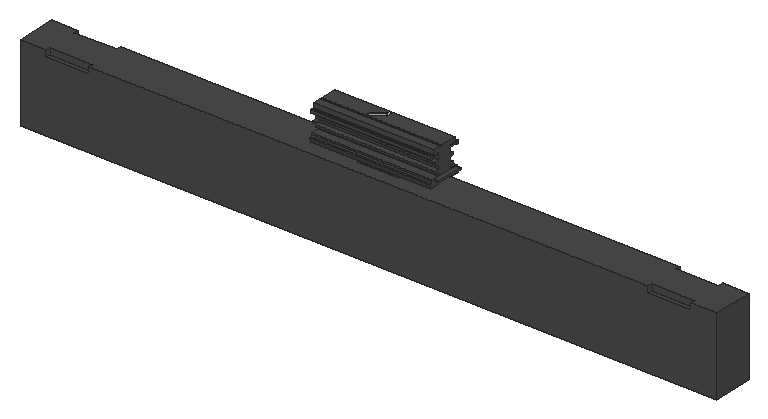
Revit family "DOT SINGLE HEAD RAIL 646_DTM30N6.5.36", category Luminarias, Revit 2019
Family settings
  Cota de conector redondo = Diámetro de uso
  Tipo de pieza = Normal
  Se basa en plano de trabajo = Sí
  Siempre vertical = Sí
  Corte con vacíos al cargar = No
  Origen de luz = Sí
  Compartido = No
  Punto de cálculo de habitación = No
Parameters (values of type "DOT SINGLE HEAD RAIL 646_DTM30N6.5.36")
  Ángulo de inclinación = 60.00°
  Zone [instance] = ""
  Watt per fixture = 30
  Wattage = 30 W
  built-in parameter 1150107 = 4000 (stored number, unit not read)
  built-in parameter 1150110 = 1 (stored number, unit not read)
  built-in parameter 1150109 = 1 (stored number, unit not read)
  built-in parameter 1150112 = 1 (stored number, unit not read)
  built-in parameter 1150113 = 1 (stored number, unit not read)
  built-in parameter 1114218 = 1 (stored number, unit not read)
  Keynote = ""
  built-in parameter 1150137 = (empty or 0)
  built-in parameter 1150132 = (empty or 0)
  Modelo = "DTM30N6.5.36"
  Lámpara = "3030SMD PHILIPS"
  built-in parameter 1150105 = 13996.1 (stored number, unit not read)
  built-in parameter 1150102 = (empty or 0)
  built-in parameter 1150106 = 139.96 (stored number, unit not read)
  Lumens = 2700 lm
  Color Filter = 16777215
  built-in parameter 1114217 = 1 (stored number, unit not read)
  built-in parameter 1150139 = (empty or 0)
  Fabricante = "BRILLANT"
  Default Elevation = 1219.2 mm
  built-in parameter 1150104 = 8.3613 (stored number, unit not read)
  Descripción = "LUMINARIA DOWNLIGHT EN FORMATO RECTANGULAR COMPATIBLE CON RIEL DE 6 ENTRADAS Y 3 CIRCUITOS CON CABEZAL PARA PODER DIRIGIR LA LUMINARIA HASTA 30 GRADOS, CUERPO DE ALUMINIO ACABADO EN COLOR NEGRO, IP 20, PESO 1.48Kg, TIPO DE LED 3030SMD PHILIPS CON 30W TOTAL, 1450 LUMENES, 90LM/W, IRC 90, TEMPERATURA EN BLANCO FRIO 4000K, 50 MIL HORAS DE VIDA PROMEDIO, APERTURA DE 36 GRADOS POR PROYECTO, ALIMENTADO A 90-240V"
  built-in parameter 1150115 = 1 (stored number, unit not read)
  built-in parameter 1150114 = 1 (stored number, unit not read)
  Comentarios de vataje = "90-240V"
  built-in parameter 1150138 = (empty or 0)
  built-in parameter 1150134 = 12
  Circuit [instance] = ""
  Dimming Lamp Color Temperature Shift = (empty or 0)
  Archivo de red fotométrica = "L646A-30W-840-B-36_IESNA95.IES"
  built-in parameter 1150133 = 10 (stored number, unit not read)
Reference planes
  plane 1 "Centro (Frontal/Posterior)": y = 0
  plane 2: z = 0
  plane 3 "Centro (Izquierda/Derecha)": x = 0
Forms (mm)
  Extrusion 1, solid, material "Default Form"
    sketch origin (0, 0, 0) x (1, 0, 0) y (0, 0, 1)
      loop
        line (-323, 0) -> (-323, -72) -> (323, -72) -> (323, 0) -> (-323, 0)
    from -18.326 to 18.326
  Blend 2, void
    base sketch origin (0, 0, 0) x (1, 0, 0) y (0, 1, 0)
      loop
        line (-162, 16.149) -> (-162, -16.149) -> (-144.14, -16.149) -> (-144.14, 16.149) -> (-162, 16.149)
    top sketch origin (0, 0, 0) x (1, 0, 0) y (0, 1, 0)
      loop
        line (-160, 12.149) -> (-160, -12.149) -> (-146.14, -12.149) -> (-146.14, 12.149) -> (-160, 12.149)
    from -72 to -61.591
  Blend 3, void
    base sketch origin (21.86, 0, 0) x (1, 0, 0) y (0, 1, 0)
      loop
        line (-162, 16.149) -> (-162, -16.149) -> (-144.14, -16.149) -> (-144.14, 16.149) -> (-162, 16.149)
    top sketch origin (21.86, 0, 0) x (1, 0, 0) y (0, 1, 0)
      loop
        line (-160, 12.149) -> (-160, -12.149) -> (-146.14, -12.149) -> (-146.14, 12.149) -> (-160, 12.149)
    from -72 to -61.591
  Blend 4, void
    base sketch origin (43.72, 0, 0) x (1, 0, 0) y (0, 1, 0)
      loop
        line (-162, 16.149) -> (-162, -16.149) -> (-144.14, -16.149) -> (-144.14, 16.149) -> (-162, 16.149)
    top sketch origin (43.72, 0, 0) x (1, 0, 0) y (0, 1, 0)
      loop
        line (-160, 12.149) -> (-160, -12.149) -> (-146.14, -12.149) -> (-146.14, 12.149) -> (-160, 12.149)
    from -72 to -61.591
  Blend 5, void
    base sketch origin (65.58, 0, 0) x (1, 0, 0) y (0, 1, 0)
      loop
        line (-162, 16.149) -> (-162, -16.149) -> (-144.14, -16.149) -> (-144.14, 16.149) -> (-162, 16.149)
    top sketch origin (65.58, 0, 0) x (1, 0, 0) y (0, 1, 0)
      loop
        line (-160, 12.149) -> (-160, -12.149) -> (-146.14, -12.149) -> (-146.14, 12.149) -> (-160, 12.149)
    from -72 to -61.591
  Blend 6, void
    base sketch origin (87.44, 0, 0) x (1, 0, 0) y (0, 1, 0)
      loop
        line (-162, 16.149) -> (-162, -16.149) -> (-144.14, -16.149) -> (-144.14, 16.149) -> (-162, 16.149)
    top sketch origin (87.44, 0, 0) x (1, 0, 0) y (0, 1, 0)
      loop
        line (-160, 12.149) -> (-160, -12.149) -> (-146.14, -12.149) -> (-146.14, 12.149) -> (-160, 12.149)
    from -72 to -61.591
  Blend 7, void
    base sketch origin (109.3, 0, 0) x (1, 0, 0) y (0, 1, 0)
      loop
        line (-162, 16.149) -> (-162, -16.149) -> (-144.14, -16.149) -> (-144.14, 16.149) -> (-162, 16.149)
    top sketch origin (109.3, 0, 0) x (1, 0, 0) y (0, 1, 0)
      loop
        line (-160, 12.149) -> (-160, -12.149) -> (-146.14, -12.149) -> (-146.14, 12.149) -> (-160, 12.149)
    from -72 to -61.591
  Blend 8, void
    base sketch origin (131.16, 0, 0) x (1, 0, 0) y (0, 1, 0)
      loop
        line (-162, 16.149) -> (-162, -16.149) -> (-144.14, -16.149) -> (-144.14, 16.149) -> (-162, 16.149)
    top sketch origin (131.16, 0, 0) x (1, 0, 0) y (0, 1, 0)
      loop
        line (-160, 12.149) -> (-160, -12.149) -> (-146.14, -12.149) -> (-146.14, 12.149) -> (-160, 12.149)
    from -72 to -61.591
  Blend 9, void
    base sketch origin (153.02, 0, 0) x (1, 0, 0) y (0, 1, 0)
      loop
        line (-162, 16.149) -> (-162, -16.149) -> (-144.14, -16.149) -> (-144.14, 16.149) -> (-162, 16.149)
    top sketch origin (153.02, 0, 0) x (1, 0, 0) y (0, 1, 0)
      loop
        line (-160, 12.149) -> (-160, -12.149) -> (-146.14, -12.149) -> (-146.14, 12.149) -> (-160, 12.149)
    from -72 to -61.591
  Blend 10, void
    base sketch origin (174.88, 0, 0) x (1, 0, 0) y (0, 1, 0)
      loop
        line (-162, 16.149) -> (-162, -16.149) -> (-144.14, -16.149) -> (-144.14, 16.149) -> (-162, 16.149)
    top sketch origin (174.88, 0, 0) x (1, 0, 0) y (0, 1, 0)
      loop
        line (-160, 12.149) -> (-160, -12.149) -> (-146.14, -12.149) -> (-146.14, 12.149) -> (-160, 12.149)
    from -72 to -61.591
  Blend 11, void
    base sketch origin (196.74, 0, 0) x (1, 0, 0) y (0, 1, 0)
      loop
        line (-162, 16.149) -> (-162, -16.149) -> (-144.14, -16.149) -> (-144.14, 16.149) -> (-162, 16.149)
    top sketch origin (196.74, 0, 0) x (1, 0, 0) y (0, 1, 0)
      loop
        line (-160, 12.149) -> (-160, -12.149) -> (-146.14, -12.149) -> (-146.14, 12.149) -> (-160, 12.149)
    from -72 to -61.591
  Blend 12, void
    base sketch origin (218.6, 0, 0) x (1, 0, 0) y (0, 1, 0)
      loop
        line (-162, 16.149) -> (-162, -16.149) -> (-144.14, -16.149) -> (-144.14, 16.149) -> (-162, 16.149)
    top sketch origin (218.6, 0, 0) x (1, 0, 0) y (0, 1, 0)
      loop
        line (-160, 12.149) -> (-160, -12.149) -> (-146.14, -12.149) -> (-146.14, 12.149) -> (-160, 12.149)
    from -72 to -61.591
  Blend 13, void
    base sketch origin (240.46, 0, 0) x (1, 0, 0) y (0, 1, 0)
      loop
        line (-162, 16.149) -> (-162, -16.149) -> (-144.14, -16.149) -> (-144.14, 16.149) -> (-162, 16.149)
    top sketch origin (240.46, 0, 0) x (1, 0, 0) y (0, 1, 0)
      loop
        line (-160, 12.149) -> (-160, -12.149) -> (-146.14, -12.149) -> (-146.14, 12.149) -> (-160, 12.149)
    from -72 to -61.591
  Blend 14, void
    base sketch origin (262.32, 0, 0) x (1, 0, 0) y (0, 1, 0)
      loop
        line (-162, 16.149) -> (-162, -16.149) -> (-144.14, -16.149) -> (-144.14, 16.149) -> (-162, 16.149)
    top sketch origin (262.32, 0, 0) x (1, 0, 0) y (0, 1, 0)
      loop
        line (-160, 12.149) -> (-160, -12.149) -> (-146.14, -12.149) -> (-146.14, 12.149) -> (-160, 12.149)
    from -72 to -61.591
  Blend 15, void
    base sketch origin (284.18, 0, 0) x (1, 0, 0) y (0, 1, 0)
      loop
        line (-162, 16.149) -> (-162, -16.149) -> (-144.14, -16.149) -> (-144.14, 16.149) -> (-162, 16.149)
    top sketch origin (284.18, 0, 0) x (1, 0, 0) y (0, 1, 0)
      loop
        line (-160, 12.149) -> (-160, -12.149) -> (-146.14, -12.149) -> (-146.14, 12.149) -> (-160, 12.149)
    from -72 to -61.591
  Blend 16, void
    base sketch origin (306.04, 0, 0) x (1, 0, 0) y (0, 1, 0)
      loop
        line (-162, 16.149) -> (-162, -16.149) -> (-144.14, -16.149) -> (-144.14, 16.149) -> (-162, 16.149)
    top sketch origin (306.04, 0, 0) x (1, 0, 0) y (0, 1, 0)
      loop
        line (-160, 12.149) -> (-160, -12.149) -> (-146.14, -12.149) -> (-146.14, 12.149) -> (-160, 12.149)
    from -72 to -61.591
  Extrusion 17, solid, material "Default Form"
    sketch origin (-55.628, 0, 7.5) x (0, 1, 0) y (0, 0, 1)
      loop
        line (-7.273, 1.74) -> (7.273, 1.74) -> (7.273, 0) -> (15.231, 0) -> (17.006, 4.494) -> (15.021, 4.494) -> (14.058, 5.868) -> (14.058, 7.166) -> (6.473, 7.166) -> (6.473, 9.324) -> (10.169, 10.163) -> (10.169, 12.464) -> (6.473, 13.302) -> (6.473, 16.66) -> (10.169, 17.499) -> (10.169, 19.8) -> (6.473, 20.638) -> (6.473, 25.016) -> (13.839, 25.016) -> (14.514, 24.341) -> (15.775, 24.341) -> (15.775, 27.171) -> (14.73, 27.171) -> (14.058, 26.499) -> (6.473, 26.499) -> (6.473, 27.299) -> (12.377, 27.299) -> (12.377, 31.471) -> (-2.744, 31.471) -> (-2.744, 30.671) -> (-5.514, 30.671) -> (-5.514, 31.471) -> (-12.377, 31.471) -> (-12.377, 27.299) -> (-6.473, 27.299) -> (-6.473, 26.499) -> (-14.058, 26.499) -> (-14.73, 27.171) -> (-15.775, 27.171) -> (-15.775, 24.341) -> (-14.514, 24.341) -> (-13.839, 25.016) -> (-6.473, 25.016) -> (-6.473, 20.638) -> (-10.169, 19.8) -> (-10.169, 17.499) -> (-6.473, 16.66) -> (-6.473, 13.302) -> (-10.169, 12.464) -> (-10.169, 10.163) -> (-6.473, 9.324) -> (-6.473, 7.166) -> (-14.058, 7.166) -> (-14.058, 5.868) -> (-15.021, 4.494) -> (-17.006, 4.494) -> (-15.231, 0) -> (-7.273, 0) -> (-7.273, 1.74)
    from 0 to 111.256
  Extrusion 18, solid, material "Default Form"
    sketch origin (0, 0, 0) x (1, 0, 0) y (0, 1, 0)
      loop
        line (-19.12, 6.873) -> (-19.12, -6.873) -> (19.12, -6.873) -> (19.12, 6.873) -> (-19.12, 6.873)
    from 0 to 2.67
  Extrusion 19, solid, material "Default Form"
    sketch origin (0, 0, 0) x (1, 0, 0) y (0, 1, 0)
      loop
        line (-10.93, 3.188) -> (-10.93, -3.188) -> (10.93, -3.188) -> (10.93, 3.188) -> (-10.93, 3.188)
    from 2.67 to 7.5
  Extrusion 20, void
    sketch origin (0, 0, 0) x (1, 0, 0) y (0, 1, 0)
      loop
        line (-259.42, 18.326) -> (-299.14, 18.326) -> (-299.14, 14.276) -> (-259.42, 14.276) -> (-259.42, 18.326)
      loop
        line (-299.14, -18.326) -> (-259.42, -18.326) -> (-259.42, -14.276) -> (-299.14, -14.276) -> (-299.14, -18.326)
      loop
        line (299.14, -18.326) -> (299.14, -14.276) -> (259.42, -14.276) -> (259.42, -18.326) -> (299.14, -18.326)
      loop
        line (299.14, 18.326) -> (259.42, 18.326) -> (259.42, 14.276) -> (299.14, 14.276) -> (299.14, 18.326)
    from -6.015 to 0
  Extrusion 21, solid, material "Acero Inoxidable"
    sketch origin (0, -1.594, 0) x (1, 0, 0) y (0, 0, -1)
      loop
        line (-15, -38.971) -> (3.794, -45.811) -> (4.341, -44.308) -> (3.589, -44.034) -> (3.316, -44.786) -> (-12.661, -38.971) -> (-15, -38.971)
    from 0 to 3.188
  Extrusion 22, solid, material "Default Form"
    sketch origin (0, 0, 0) x (1, 0, 0) y (0, 1, 0)
      loop
        line (-55.628, 6.473) -> (-66.331, 6.473) -> (-66.331, 0) -> (-55.628, 0) -> (-55.628, 6.473)
      loop
        line (55.628, 12.377) -> (55.628, -12.149) -> (60.628, -12.149) -> (60.628, 12.377) -> (55.628, 12.377)
    from 13.368 to 15
  Blend 23, void
    base sketch origin (-87.44, 0, 0) x (1, 0, 0) y (0, 1, 0)
      loop
        line (-162, 16.149) -> (-162, -16.149) -> (-144.14, -16.149) -> (-144.14, 16.149) -> (-162, 16.149)
    top sketch origin (-87.44, 0, 0) x (1, 0, 0) y (0, 1, 0)
      loop
        line (-160, 12.149) -> (-160, -12.149) -> (-146.14, -12.149) -> (-146.14, 12.149) -> (-160, 12.149)
    from -72 to -61.591
  Blend 24, void
    base sketch origin (-65.58, 0, 0) x (1, 0, 0) y (0, 1, 0)
      loop
        line (-162, 16.149) -> (-162, -16.149) -> (-144.14, -16.149) -> (-144.14, 16.149) -> (-162, 16.149)
    top sketch origin (-65.58, 0, 0) x (1, 0, 0) y (0, 1, 0)
      loop
        line (-160, 12.149) -> (-160, -12.149) -> (-146.14, -12.149) -> (-146.14, 12.149) -> (-160, 12.149)
    from -72 to -61.591
  Blend 25, void
    base sketch origin (-43.72, 0, 0) x (1, 0, 0) y (0, 1, 0)
      loop
        line (-162, 16.149) -> (-162, -16.149) -> (-144.14, -16.149) -> (-144.14, 16.149) -> (-162, 16.149)
    top sketch origin (-43.72, 0, 0) x (1, 0, 0) y (0, 1, 0)
      loop
        line (-160, 12.149) -> (-160, -12.149) -> (-146.14, -12.149) -> (-146.14, 12.149) -> (-160, 12.149)
    from -72 to -61.591
  Blend 26, void
    base sketch origin (-21.86, 0, 0) x (1, 0, 0) y (0, 1, 0)
      loop
        line (-162, 16.149) -> (-162, -16.149) -> (-144.14, -16.149) -> (-144.14, 16.149) -> (-162, 16.149)
    top sketch origin (-21.86, 0, 0) x (1, 0, 0) y (0, 1, 0)
      loop
        line (-160, 12.149) -> (-160, -12.149) -> (-146.14, -12.149) -> (-146.14, 12.149) -> (-160, 12.149)
    from -72 to -61.591
  Blend 27, void
    base sketch origin (-109.3, 0, 0) x (1, 0, 0) y (0, 1, 0)
      loop
        line (-162, 16.149) -> (-162, -16.149) -> (-144.14, -16.149) -> (-144.14, 16.149) -> (-162, 16.149)
    top sketch origin (-109.3, 0, 0) x (1, 0, 0) y (0, 1, 0)
      loop
        line (-160, 12.149) -> (-160, -12.149) -> (-146.14, -12.149) -> (-146.14, 12.149) -> (-160, 12.149)
    from -72 to -61.591
  Blend 28, void
    base sketch origin (327.9, 0, 0) x (1, 0, 0) y (0, 1, 0)
      loop
        line (-162, 16.149) -> (-162, -16.149) -> (-144.14, -16.149) -> (-144.14, 16.149) -> (-162, 16.149)
    top sketch origin (327.9, 0, 0) x (1, 0, 0) y (0, 1, 0)
      loop
        line (-160, 12.149) -> (-160, -12.149) -> (-146.14, -12.149) -> (-146.14, 12.149) -> (-160, 12.149)
    from -72 to -61.591
  Blend 29, void
    base sketch origin (349.76, 0, 0) x (1, 0, 0) y (0, 1, 0)
      loop
        line (-162, 16.149) -> (-162, -16.149) -> (-144.14, -16.149) -> (-144.14, 16.149) -> (-162, 16.149)
    top sketch origin (349.76, 0, 0) x (1, 0, 0) y (0, 1, 0)
      loop
        line (-160, 12.149) -> (-160, -12.149) -> (-146.14, -12.149) -> (-146.14, 12.149) -> (-160, 12.149)
    from -72 to -61.591
  Blend 30, void
    base sketch origin (371.62, 0, 0) x (1, 0, 0) y (0, 1, 0)
      loop
        line (-162, 16.149) -> (-162, -16.149) -> (-144.14, -16.149) -> (-144.14, 16.149) -> (-162, 16.149)
    top sketch origin (371.62, 0, 0) x (1, 0, 0) y (0, 1, 0)
      loop
        line (-160, 12.149) -> (-160, -12.149) -> (-146.14, -12.149) -> (-146.14, 12.149) -> (-160, 12.149)
    from -72 to -61.591
  Blend 31, void
    base sketch origin (393.48, 0, 0) x (1, 0, 0) y (0, 1, 0)
      loop
        line (-162, 16.149) -> (-162, -16.149) -> (-144.14, -16.149) -> (-144.14, 16.149) -> (-162, 16.149)
    top sketch origin (393.48, 0, 0) x (1, 0, 0) y (0, 1, 0)
      loop
        line (-160, 12.149) -> (-160, -12.149) -> (-146.14, -12.149) -> (-146.14, 12.149) -> (-160, 12.149)
    from -72 to -61.591
  Blend 32, void
    base sketch origin (415.34, 0, 0) x (1, 0, 0) y (0, 1, 0)
      loop
        line (-162, 16.149) -> (-162, -16.149) -> (-144.14, -16.149) -> (-144.14, 16.149) -> (-162, 16.149)
    top sketch origin (415.34, 0, 0) x (1, 0, 0) y (0, 1, 0)
      loop
        line (-160, 12.149) -> (-160, -12.149) -> (-146.14, -12.149) -> (-146.14, 12.149) -> (-160, 12.149)
    from -72 to -61.591
Cuts and joins
  Blend 2, Blend 3, Blend 4, Blend 5, Blend 6, Blend 7, Blend 8, Blend 9, Blend 10, Blend 11, Blend 12, Blend 13, Blend 14, Blend 15, Blend 16, Extrusion 20, Blend 23, Blend 24, Blend 25, Blend 26, Blend 27, Blend 28, Blend 29, Blend 30, Blend 31, Blend 32 cuts Extrusion 1
Dimensions and locks
  equal spacing: Extrusion 1, plane 1 "Centro (Frontal/Posterior)", Extrusion 1
  Extrusion 1 to plane 1 "Centro (Frontal/Posterior)" = 18.326 mm
  Extrusion 1 to Extrusion 1 = 36.651 mm
  Extrusion 1 to Extrusion 1 = 72 mm
  Extrusion 1 to Extrusion 1 = 646 mm
  cut or joined group 1 (Extrusion 1, Blend 2, Blend 3, Blend 4, Blend 5, Blend 6, Blend 7, Blend 8, Blend 9, Blend 10, Blend 11, Blend 12, Blend 13, Blend 14, Blend 15, Blend 16, Extrusion 20, Blend 23, Blend 24, Blend 25, Blend 26, Blend 27, Blend 28, Blend 29, Blend 30, Blend 31, Blend 32) to cut or joined group 1 = 72 mm
  cut or joined group 1 to cut or joined group 1 = 36.651 mm
  cut or joined group 1 to cut or joined group 1 = 646 mm
  equal spacing: cut or joined group 1, plane 1 "Centro (Frontal/Posterior)", cut or joined group 1
  cut or joined group 1 to cut or joined group 1 = 23.86 mm  (x2)
  aligned and locked: level to plane 2
  aligned and locked: Extrusion 19 to Extrusion 17
  aligned and locked: Extrusion 19 to Extrusion 18
Automatic sketch dimensions
  Extrusion 1 sketch curve to level = 0 mm
  Extrusion 1 sketch curve to level = 72 mm
  Extrusion 1 sketch curve to plane 3 "Centro (Izquierda/Derecha)" = 323 mm
  plane 3 "Centro (Izquierda/Derecha)" to Extrusion 1 sketch curve = 323 mm
  Blend 2 sketch curve to plane 1 "Centro (Frontal/Posterior)" = 16.149 mm
  Blend 2 sketch curve to plane 3 "Centro (Izquierda/Derecha)" = 162 mm
  Blend 2 sketch curve to Blend 2 sketch curve = 17.86 mm
  plane 1 "Centro (Frontal/Posterior)" to Blend 2 sketch curve = 16.149 mm
  Blend 2 sketch curve to plane 1 "Centro (Frontal/Posterior)" = 12.149 mm
  Blend 2 sketch curve to plane 3 "Centro (Izquierda/Derecha)" = 160 mm
  Blend 2 sketch curve to Blend 2 sketch curve = 13.86 mm
  plane 1 "Centro (Frontal/Posterior)" to Blend 2 sketch curve = 12.149 mm
  Blend 3 sketch curve to plane 1 "Centro (Frontal/Posterior)" = 16.149 mm
  Blend 3 sketch curve to plane 3 "Centro (Izquierda/Derecha)" = 140.14 mm
  Blend 3 sketch curve to Blend 3 sketch curve = 17.86 mm
  plane 1 "Centro (Frontal/Posterior)" to Blend 3 sketch curve = 16.149 mm
  Blend 3 sketch curve to plane 1 "Centro (Frontal/Posterior)" = 12.149 mm
  Blend 3 sketch curve to plane 3 "Centro (Izquierda/Derecha)" = 138.14 mm
  Blend 3 sketch curve to Blend 3 sketch curve = 13.86 mm
  plane 1 "Centro (Frontal/Posterior)" to Blend 3 sketch curve = 12.149 mm
  Blend 4 sketch curve to plane 1 "Centro (Frontal/Posterior)" = 16.149 mm
  Blend 4 sketch curve to plane 3 "Centro (Izquierda/Derecha)" = 118.28 mm
  Blend 4 sketch curve to Blend 4 sketch curve = 17.86 mm
  plane 1 "Centro (Frontal/Posterior)" to Blend 4 sketch curve = 16.149 mm
  Blend 4 sketch curve to plane 1 "Centro (Frontal/Posterior)" = 12.149 mm
  Blend 4 sketch curve to plane 3 "Centro (Izquierda/Derecha)" = 116.28 mm
  Blend 4 sketch curve to Blend 4 sketch curve = 13.86 mm
  plane 1 "Centro (Frontal/Posterior)" to Blend 4 sketch curve = 12.149 mm
  Blend 5 sketch curve to plane 1 "Centro (Frontal/Posterior)" = 16.149 mm
  Blend 5 sketch curve to plane 3 "Centro (Izquierda/Derecha)" = 96.42 mm
  Blend 5 sketch curve to Blend 5 sketch curve = 17.86 mm
  plane 1 "Centro (Frontal/Posterior)" to Blend 5 sketch curve = 16.149 mm
  Blend 5 sketch curve to plane 1 "Centro (Frontal/Posterior)" = 12.149 mm
  Blend 5 sketch curve to plane 3 "Centro (Izquierda/Derecha)" = 94.42 mm
  Blend 5 sketch curve to Blend 5 sketch curve = 13.86 mm
  plane 1 "Centro (Frontal/Posterior)" to Blend 5 sketch curve = 12.149 mm
  Blend 6 sketch curve to plane 1 "Centro (Frontal/Posterior)" = 16.149 mm
  Blend 6 sketch curve to plane 3 "Centro (Izquierda/Derecha)" = 74.56 mm
  Blend 6 sketch curve to Blend 6 sketch curve = 17.86 mm
  plane 1 "Centro (Frontal/Posterior)" to Blend 6 sketch curve = 16.149 mm
  Blend 6 sketch curve to plane 1 "Centro (Frontal/Posterior)" = 12.149 mm
  Blend 6 sketch curve to plane 3 "Centro (Izquierda/Derecha)" = 72.56 mm
  Blend 6 sketch curve to Blend 6 sketch curve = 13.86 mm
  plane 1 "Centro (Frontal/Posterior)" to Blend 6 sketch curve = 12.149 mm
  Blend 7 sketch curve to plane 1 "Centro (Frontal/Posterior)" = 16.149 mm
  Blend 7 sketch curve to plane 3 "Centro (Izquierda/Derecha)" = 52.7 mm
  Blend 7 sketch curve to Blend 7 sketch curve = 17.86 mm
  plane 1 "Centro (Frontal/Posterior)" to Blend 7 sketch curve = 16.149 mm
  Blend 7 sketch curve to plane 1 "Centro (Frontal/Posterior)" = 12.149 mm
  Blend 7 sketch curve to plane 3 "Centro (Izquierda/Derecha)" = 50.7 mm
  Blend 7 sketch curve to Blend 7 sketch curve = 13.86 mm
  plane 1 "Centro (Frontal/Posterior)" to Blend 7 sketch curve = 12.149 mm
  Blend 8 sketch curve to plane 3 "Centro (Izquierda/Derecha)" = 30.84 mm
  Blend 8 sketch curve to plane 3 "Centro (Izquierda/Derecha)" = 12.98 mm
  plane 1 "Centro (Frontal/Posterior)" to Blend 8 sketch curve = 16.149 mm
  Blend 8 sketch curve to plane 1 "Centro (Frontal/Posterior)" = 16.149 mm
  Blend 8 sketch curve to plane 1 "Centro (Frontal/Posterior)" = 12.149 mm
  Blend 8 sketch curve to plane 3 "Centro (Izquierda/Derecha)" = 28.84 mm
  Blend 8 sketch curve to Blend 8 sketch curve = 13.86 mm
  plane 1 "Centro (Frontal/Posterior)" to Blend 8 sketch curve = 12.149 mm
  Blend 9 sketch curve to plane 3 "Centro (Izquierda/Derecha)" = 8.98 mm
  plane 3 "Centro (Izquierda/Derecha)" to Blend 9 sketch curve = 8.88 mm
  plane 1 "Centro (Frontal/Posterior)" to Blend 9 sketch curve = 16.149 mm
  Blend 9 sketch curve to plane 1 "Centro (Frontal/Posterior)" = 16.149 mm
  Blend 9 sketch curve to plane 3 "Centro (Izquierda/Derecha)" = 6.98 mm
  plane 3 "Centro (Izquierda/Derecha)" to Blend 9 sketch curve = 6.88 mm
  plane 1 "Centro (Frontal/Posterior)" to Blend 9 sketch curve = 12.149 mm
  Blend 9 sketch curve to plane 1 "Centro (Frontal/Posterior)" = 12.149 mm
  plane 3 "Centro (Izquierda/Derecha)" to Blend 10 sketch curve = 12.88 mm
  Blend 10 sketch curve to Blend 10 sketch curve = 17.86 mm
  plane 1 "Centro (Frontal/Posterior)" to Blend 10 sketch curve = 16.149 mm
  Blend 10 sketch curve to plane 1 "Centro (Frontal/Posterior)" = 16.149 mm
  plane 3 "Centro (Izquierda/Derecha)" to Blend 10 sketch curve = 14.88 mm
  Blend 10 sketch curve to Blend 10 sketch curve = 13.86 mm
  plane 1 "Centro (Frontal/Posterior)" to Blend 10 sketch curve = 12.149 mm
  Blend 10 sketch curve to plane 1 "Centro (Frontal/Posterior)" = 12.149 mm
  Blend 11 sketch curve to plane 1 "Centro (Frontal/Posterior)" = 16.149 mm
  plane 3 "Centro (Izquierda/Derecha)" to Blend 11 sketch curve = 34.74 mm
  Blend 11 sketch curve to Blend 11 sketch curve = 17.86 mm
  plane 1 "Centro (Frontal/Posterior)" to Blend 11 sketch curve = 16.149 mm
  Blend 11 sketch curve to plane 1 "Centro (Frontal/Posterior)" = 12.149 mm
  plane 3 "Centro (Izquierda/Derecha)" to Blend 11 sketch curve = 36.74 mm
  Blend 11 sketch curve to Blend 11 sketch curve = 13.86 mm
  plane 1 "Centro (Frontal/Posterior)" to Blend 11 sketch curve = 12.149 mm
  Blend 12 sketch curve to plane 1 "Centro (Frontal/Posterior)" = 16.149 mm
  plane 3 "Centro (Izquierda/Derecha)" to Blend 12 sketch curve = 56.6 mm
  Blend 12 sketch curve to Blend 12 sketch curve = 17.86 mm
  plane 1 "Centro (Frontal/Posterior)" to Blend 12 sketch curve = 16.149 mm
  Blend 12 sketch curve to plane 1 "Centro (Frontal/Posterior)" = 12.149 mm
  plane 3 "Centro (Izquierda/Derecha)" to Blend 12 sketch curve = 58.6 mm
  Blend 12 sketch curve to Blend 12 sketch curve = 13.86 mm
  plane 1 "Centro (Frontal/Posterior)" to Blend 12 sketch curve = 12.149 mm
  Blend 13 sketch curve to plane 1 "Centro (Frontal/Posterior)" = 16.149 mm
  plane 3 "Centro (Izquierda/Derecha)" to Blend 13 sketch curve = 78.46 mm
  Blend 13 sketch curve to Blend 13 sketch curve = 17.86 mm
  plane 1 "Centro (Frontal/Posterior)" to Blend 13 sketch curve = 16.149 mm
  Blend 13 sketch curve to plane 1 "Centro (Frontal/Posterior)" = 12.149 mm
  plane 3 "Centro (Izquierda/Derecha)" to Blend 13 sketch curve = 80.46 mm
  Blend 13 sketch curve to Blend 13 sketch curve = 13.86 mm
  plane 1 "Centro (Frontal/Posterior)" to Blend 13 sketch curve = 12.149 mm
  Blend 14 sketch curve to plane 1 "Centro (Frontal/Posterior)" = 16.149 mm
  plane 3 "Centro (Izquierda/Derecha)" to Blend 14 sketch curve = 100.32 mm
  Blend 14 sketch curve to Blend 14 sketch curve = 17.86 mm
  plane 1 "Centro (Frontal/Posterior)" to Blend 14 sketch curve = 16.149 mm
  Blend 14 sketch curve to plane 1 "Centro (Frontal/Posterior)" = 12.149 mm
  plane 3 "Centro (Izquierda/Derecha)" to Blend 14 sketch curve = 102.32 mm
  Blend 14 sketch curve to Blend 14 sketch curve = 13.86 mm
  plane 1 "Centro (Frontal/Posterior)" to Blend 14 sketch curve = 12.149 mm
  Blend 15 sketch curve to plane 1 "Centro (Frontal/Posterior)" = 16.149 mm
  plane 3 "Centro (Izquierda/Derecha)" to Blend 15 sketch curve = 122.18 mm
  Blend 15 sketch curve to Blend 15 sketch curve = 17.86 mm
  plane 1 "Centro (Frontal/Posterior)" to Blend 15 sketch curve = 16.149 mm
  Blend 15 sketch curve to plane 1 "Centro (Frontal/Posterior)" = 12.149 mm
  plane 3 "Centro (Izquierda/Derecha)" to Blend 15 sketch curve = 124.18 mm
  Blend 15 sketch curve to Blend 15 sketch curve = 13.86 mm
  plane 1 "Centro (Frontal/Posterior)" to Blend 15 sketch curve = 12.149 mm
  Blend 16 sketch curve to plane 1 "Centro (Frontal/Posterior)" = 16.149 mm
  plane 3 "Centro (Izquierda/Derecha)" to Blend 16 sketch curve = 144.04 mm
  Blend 16 sketch curve to Blend 16 sketch curve = 17.86 mm
  plane 1 "Centro (Frontal/Posterior)" to Blend 16 sketch curve = 16.149 mm
  Blend 16 sketch curve to plane 1 "Centro (Frontal/Posterior)" = 12.149 mm
  plane 3 "Centro (Izquierda/Derecha)" to Blend 16 sketch curve = 146.04 mm
  Blend 16 sketch curve to Blend 16 sketch curve = 13.86 mm
  plane 1 "Centro (Frontal/Posterior)" to Blend 16 sketch curve = 12.149 mm
  plane 1 "Centro (Frontal/Posterior)" to Extrusion 17 sketch curve = 17.006 mm
  plane 1 "Centro (Frontal/Posterior)" to Extrusion 17 sketch curve = 15.775 mm
  level to Extrusion 17 sketch curve = 7.5 mm  (x2)
  Extrusion 17 sketch curve to Extrusion 17 sketch curve = 1.775 mm
  Extrusion 17 sketch curve to Extrusion 17 sketch curve = 1.985 mm  (x2)
  Extrusion 17 sketch curve to Extrusion 17 sketch curve = 1.045 mm
  Extrusion 17 sketch curve to Extrusion 17 sketch curve = 1.261 mm  (x2)
  Extrusion 17 sketch curve to Extrusion 17 sketch curve = 0.963 mm  (x2)
  Extrusion 17 sketch curve to Extrusion 17 sketch curve = 0.672 mm  (x4)
  Extrusion 17 sketch curve to Extrusion 17 sketch curve = 0.675 mm  (x3)
  Extrusion 17 sketch curve to Extrusion 17 sketch curve = 2.354 mm
  Extrusion 17 sketch curve to Extrusion 17 sketch curve = 4.345 mm
  Extrusion 17 sketch curve to Extrusion 17 sketch curve = 3.89 mm  (x2)
  plane 1 "Centro (Frontal/Posterior)" to Extrusion 17 sketch curve = 7.273 mm
  Extrusion 17 sketch curve to Extrusion 17 sketch curve = 3.696 mm  (x4)
  Extrusion 17 sketch curve to Extrusion 17 sketch curve = 5.904 mm  (x2)
  Extrusion 17 sketch curve to Extrusion 17 sketch curve = 0 mm  (x3)
  Extrusion 17 sketch curve to Extrusion 17 sketch curve = 0.959 mm
  plane 1 "Centro (Frontal/Posterior)" to Extrusion 17 sketch curve = 2.744 mm
  Extrusion 17 sketch curve to plane 1 "Centro (Frontal/Posterior)" = 6.473 mm  (x2)
  Extrusion 17 sketch curve to Extrusion 17 sketch curve = 0.8 mm  (x3)
  Extrusion 17 sketch curve to Extrusion 17 sketch curve = 1.462 mm
  Extrusion 17 sketch curve to Extrusion 17 sketch curve = 0.22 mm
  Extrusion 17 sketch curve to Extrusion 17 sketch curve = 0.21 mm
  Extrusion 17 sketch curve to Extrusion 17 sketch curve = 1.74 mm
  Extrusion 17 sketch curve to Extrusion 17 sketch curve = 4.494 mm  (x2)
  Extrusion 17 sketch curve to Extrusion 17 sketch curve = 1.375 mm  (x2)
  Extrusion 17 sketch curve to Extrusion 17 sketch curve = 5.426 mm  (x2)
  Extrusion 17 sketch curve to Extrusion 17 sketch curve = 2.158 mm  (x2)
  Extrusion 17 sketch curve to Extrusion 17 sketch curve = 0.839 mm  (x8)
  Extrusion 17 sketch curve to Extrusion 17 sketch curve = 2.301 mm  (x4)
  Extrusion 17 sketch curve to Extrusion 17 sketch curve = 3.358 mm  (x2)
  Extrusion 17 sketch curve to Extrusion 17 sketch curve = 4.541 mm  (x2)
  Extrusion 17 sketch curve to Extrusion 17 sketch curve = 4.378 mm
  Extrusion 17 sketch curve to Extrusion 17 sketch curve = 1.483 mm  (x2)
  Extrusion 17 sketch curve to Extrusion 17 sketch curve = 3.372 mm
  Extrusion 17 sketch curve to Extrusion 17 sketch curve = 4.172 mm  (x2)
  plane 1 "Centro (Frontal/Posterior)" to Extrusion 18 sketch curve = 6.873 mm
  Extrusion 18 sketch curve to plane 3 "Centro (Izquierda/Derecha)" = 19.12 mm
  plane 3 "Centro (Izquierda/Derecha)" to Extrusion 18 sketch curve = 19.12 mm
  Extrusion 18 sketch curve to plane 1 "Centro (Frontal/Posterior)" = 6.873 mm
  plane 1 "Centro (Frontal/Posterior)" to Extrusion 19 sketch curve = 3.188 mm
  Extrusion 19 sketch curve to plane 3 "Centro (Izquierda/Derecha)" = 10.93 mm
  plane 3 "Centro (Izquierda/Derecha)" to Extrusion 19 sketch curve = 10.93 mm
  Extrusion 19 sketch curve to plane 1 "Centro (Frontal/Posterior)" = 3.188 mm
  plane 1 "Centro (Frontal/Posterior)" to Extrusion 20 sketch curve = 18.326 mm
  Extrusion 20 sketch curve to plane 3 "Centro (Izquierda/Derecha)" = 299.14 mm
  Extrusion 20 sketch curve to Extrusion 20 sketch curve = 0 mm  (x4)
  Extrusion 20 sketch curve to Extrusion 20 sketch curve = 39.72 mm  (x2)
  plane 1 "Centro (Frontal/Posterior)" to Extrusion 20 sketch curve = 14.276 mm
  plane 3 "Centro (Izquierda/Derecha)" to Extrusion 20 sketch curve = 259.42 mm
  Extrusion 20 sketch curve to plane 1 "Centro (Frontal/Posterior)" = 18.326 mm
  Extrusion 20 sketch curve to Extrusion 20 sketch curve = 4.049 mm  (x4)
  Extrusion 20 sketch curve to plane 1 "Centro (Frontal/Posterior)" = 14.276 mm
  Extrusion 21 sketch curve to plane 3 "Centro (Izquierda/Derecha)" = 15 mm
  Extrusion 21 sketch curve to Extrusion 21 sketch curve = 2.339 mm
  plane 3 "Centro (Izquierda/Derecha)" to Extrusion 21 sketch curve = 3.316 mm
  Extrusion 21 sketch curve to Extrusion 21 sketch curve = 0.274 mm
  Extrusion 21 sketch curve to Extrusion 21 sketch curve = 0.478 mm
  Extrusion 21 sketch curve to Extrusion 21 sketch curve = 0.752 mm
  level to Extrusion 21 sketch curve = 45.811 mm
  plane 1 "Centro (Frontal/Posterior)" to Extrusion 22 sketch curve = 0 mm
  Extrusion 22 sketch curve to plane 1 "Centro (Frontal/Posterior)" = 6.473 mm
  Extrusion 22 sketch curve to plane 3 "Centro (Izquierda/Derecha)" = 66.331 mm
  Extrusion 22 sketch curve to Extrusion 22 sketch curve = 10.703 mm
  Extrusion 22 sketch curve to plane 1 "Centro (Frontal/Posterior)" = 12.377 mm
  plane 3 "Centro (Izquierda/Derecha)" to Extrusion 22 sketch curve = 55.628 mm
  Extrusion 22 sketch curve to Extrusion 22 sketch curve = 5 mm
  plane 1 "Centro (Frontal/Posterior)" to Extrusion 22 sketch curve = 12.149 mm
  Blend 23 sketch curve to plane 1 "Centro (Frontal/Posterior)" = 16.149 mm
  Blend 23 sketch curve to plane 3 "Centro (Izquierda/Derecha)" = 249.44 mm
  Blend 23 sketch curve to Blend 23 sketch curve = 17.86 mm
  plane 1 "Centro (Frontal/Posterior)" to Blend 23 sketch curve = 16.149 mm
  Blend 23 sketch curve to plane 1 "Centro (Frontal/Posterior)" = 12.149 mm
  Blend 23 sketch curve to plane 3 "Centro (Izquierda/Derecha)" = 247.44 mm
  Blend 23 sketch curve to Blend 23 sketch curve = 13.86 mm
  plane 1 "Centro (Frontal/Posterior)" to Blend 23 sketch curve = 12.149 mm
  Blend 24 sketch curve to plane 1 "Centro (Frontal/Posterior)" = 16.149 mm
  Blend 24 sketch curve to plane 3 "Centro (Izquierda/Derecha)" = 227.58 mm
  Blend 24 sketch curve to Blend 24 sketch curve = 17.86 mm
  plane 1 "Centro (Frontal/Posterior)" to Blend 24 sketch curve = 16.149 mm
  Blend 24 sketch curve to plane 1 "Centro (Frontal/Posterior)" = 12.149 mm
  Blend 24 sketch curve to plane 3 "Centro (Izquierda/Derecha)" = 225.58 mm
  Blend 24 sketch curve to Blend 24 sketch curve = 13.86 mm
  plane 1 "Centro (Frontal/Posterior)" to Blend 24 sketch curve = 12.149 mm
  Blend 25 sketch curve to plane 1 "Centro (Frontal/Posterior)" = 16.149 mm
  Blend 25 sketch curve to plane 3 "Centro (Izquierda/Derecha)" = 205.72 mm
  Blend 25 sketch curve to Blend 25 sketch curve = 17.86 mm
  plane 1 "Centro (Frontal/Posterior)" to Blend 25 sketch curve = 16.149 mm
  Blend 25 sketch curve to plane 1 "Centro (Frontal/Posterior)" = 12.149 mm
  Blend 25 sketch curve to plane 3 "Centro (Izquierda/Derecha)" = 203.72 mm
  Blend 25 sketch curve to Blend 25 sketch curve = 13.86 mm
  plane 1 "Centro (Frontal/Posterior)" to Blend 25 sketch curve = 12.149 mm
  Blend 26 sketch curve to plane 1 "Centro (Frontal/Posterior)" = 16.149 mm
  Blend 26 sketch curve to plane 3 "Centro (Izquierda/Derecha)" = 183.86 mm
  Blend 26 sketch curve to Blend 26 sketch curve = 17.86 mm
  plane 1 "Centro (Frontal/Posterior)" to Blend 26 sketch curve = 16.149 mm
  Blend 26 sketch curve to plane 1 "Centro (Frontal/Posterior)" = 12.149 mm
  Blend 26 sketch curve to plane 3 "Centro (Izquierda/Derecha)" = 181.86 mm
  Blend 26 sketch curve to Blend 26 sketch curve = 13.86 mm
  plane 1 "Centro (Frontal/Posterior)" to Blend 26 sketch curve = 12.149 mm
  Blend 27 sketch curve to plane 1 "Centro (Frontal/Posterior)" = 16.149 mm
  Blend 27 sketch curve to plane 3 "Centro (Izquierda/Derecha)" = 271.3 mm
  Blend 27 sketch curve to Blend 27 sketch curve = 17.86 mm
  plane 1 "Centro (Frontal/Posterior)" to Blend 27 sketch curve = 16.149 mm
  Blend 27 sketch curve to plane 1 "Centro (Frontal/Posterior)" = 12.149 mm
  Blend 27 sketch curve to plane 3 "Centro (Izquierda/Derecha)" = 269.3 mm
  Blend 27 sketch curve to Blend 27 sketch curve = 13.86 mm
  plane 1 "Centro (Frontal/Posterior)" to Blend 27 sketch curve = 12.149 mm
  Blend 28 sketch curve to plane 1 "Centro (Frontal/Posterior)" = 16.149 mm
  plane 3 "Centro (Izquierda/Derecha)" to Blend 28 sketch curve = 165.9 mm
  Blend 28 sketch curve to Blend 28 sketch curve = 17.86 mm
  plane 1 "Centro (Frontal/Posterior)" to Blend 28 sketch curve = 16.149 mm
  Blend 28 sketch curve to plane 1 "Centro (Frontal/Posterior)" = 12.149 mm
  plane 3 "Centro (Izquierda/Derecha)" to Blend 28 sketch curve = 167.9 mm
  Blend 28 sketch curve to Blend 28 sketch curve = 13.86 mm
  plane 1 "Centro (Frontal/Posterior)" to Blend 28 sketch curve = 12.149 mm
  Blend 29 sketch curve to plane 1 "Centro (Frontal/Posterior)" = 16.149 mm
  plane 3 "Centro (Izquierda/Derecha)" to Blend 29 sketch curve = 187.76 mm
  Blend 29 sketch curve to Blend 29 sketch curve = 17.86 mm
  plane 1 "Centro (Frontal/Posterior)" to Blend 29 sketch curve = 16.149 mm
  Blend 29 sketch curve to plane 1 "Centro (Frontal/Posterior)" = 12.149 mm
  plane 3 "Centro (Izquierda/Derecha)" to Blend 29 sketch curve = 189.76 mm
  Blend 29 sketch curve to Blend 29 sketch curve = 13.86 mm
  plane 1 "Centro (Frontal/Posterior)" to Blend 29 sketch curve = 12.149 mm
  Blend 30 sketch curve to plane 1 "Centro (Frontal/Posterior)" = 16.149 mm
  plane 3 "Centro (Izquierda/Derecha)" to Blend 30 sketch curve = 209.62 mm
  Blend 30 sketch curve to Blend 30 sketch curve = 17.86 mm
  plane 1 "Centro (Frontal/Posterior)" to Blend 30 sketch curve = 16.149 mm
  Blend 30 sketch curve to plane 1 "Centro (Frontal/Posterior)" = 12.149 mm
  plane 3 "Centro (Izquierda/Derecha)" to Blend 30 sketch curve = 211.62 mm
  Blend 30 sketch curve to Blend 30 sketch curve = 13.86 mm
  plane 1 "Centro (Frontal/Posterior)" to Blend 30 sketch curve = 12.149 mm
  Blend 31 sketch curve to plane 1 "Centro (Frontal/Posterior)" = 16.149 mm
  plane 3 "Centro (Izquierda/Derecha)" to Blend 31 sketch curve = 231.48 mm
  Blend 31 sketch curve to Blend 31 sketch curve = 17.86 mm
  plane 1 "Centro (Frontal/Posterior)" to Blend 31 sketch curve = 16.149 mm
  Blend 31 sketch curve to plane 1 "Centro (Frontal/Posterior)" = 12.149 mm
  plane 3 "Centro (Izquierda/Derecha)" to Blend 31 sketch curve = 233.48 mm
  Blend 31 sketch curve to Blend 31 sketch curve = 13.86 mm
  plane 1 "Centro (Frontal/Posterior)" to Blend 31 sketch curve = 12.149 mm
  Blend 32 sketch curve to plane 1 "Centro (Frontal/Posterior)" = 16.149 mm
  plane 3 "Centro (Izquierda/Derecha)" to Blend 32 sketch curve = 253.34 mm
  Blend 32 sketch curve to Blend 32 sketch curve = 17.86 mm
  plane 1 "Centro (Frontal/Posterior)" to Blend 32 sketch curve = 16.149 mm
  Blend 32 sketch curve to plane 1 "Centro (Frontal/Posterior)" = 12.149 mm
  plane 3 "Centro (Izquierda/Derecha)" to Blend 32 sketch curve = 255.34 mm
  Blend 32 sketch curve to Blend 32 sketch curve = 13.86 mm
  plane 1 "Centro (Frontal/Posterior)" to Blend 32 sketch curve = 12.149 mm
Connectors
  electrical at (0, 0, 0)
    settings: on cut or joined group 1, index 1, voltage 240 V, apparent load 0 VA, apparent load phase1 0 VA, apparent load phase2 0 VA, apparent load phase3 0 VA, power factor 1, load classification "Otro", number of poles 1, system type 31, power factor state 1, is connector primary yes, connector utility no, sub classification motor no, connector description ""
